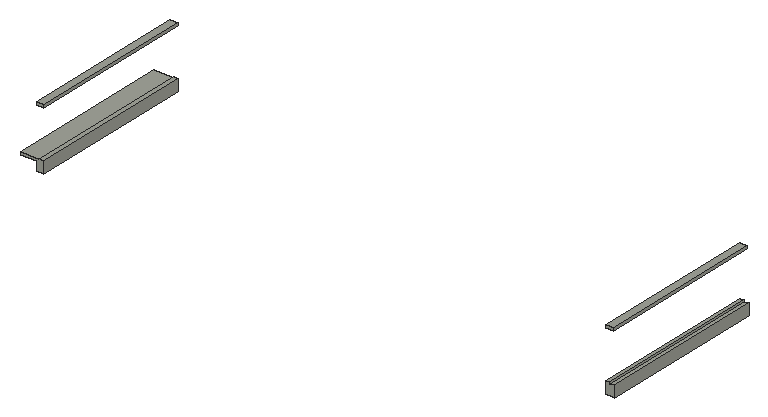
Revit family "CT_Bloco_F_Perfil", category Structural Framing, Revit 2025
Family settings
  Display in Hidden Views = Edges Hidden by Other Members
  Structural Framing Length Roundoff = 0.000 m
  Section Shape = Not Defined
  Material for Model Behavior = Concrete
  Always export as geometry = No
  Work Plane-Based = No
  Always vertical = Yes
  Cut with Voids When Loaded = Yes
  Symbolic Representation = From Family
  Shared = No
  Show family pre-cut in plan views = Yes
Parameters
  Structural Material [instance] = CT_Concreto
  Material_Viga_Janela [instance] = CT_Concreto
  Comprimento [instance] = 7.500 m
Reference planes (m)
  plane 1 "Centro (Frente/Trás)": y = 0
  plane 2: z = 0
  plane 3 "Centro (Esquerda/Direita)": x = 0
  plane 4: x = -15.9999
  plane 5: x = 9.1749
  plane 6: x = -5.2749
  plane 7: x = -2.2249
  plane 8: z = 4.76
  plane 9: z = 9.16
Forms (m)
  Extrusion 1, solid, material "CT_Concreto" <- "Structural Material"
    sketch origin (0, 0, 0.06) x (1, 0, 0) y (0, 0, 1)
      loop
        line (-15.9999, 4.7) -> (-16.1999, 4.7) -> (-16.1999, 4.65) -> (-17.0749, 4.65) -> (-17.0749, 4.55) -> (-16.3499, 4.55) -> (-16.3499, 4.19) -> (-16.3499, 4.15) -> (-15.9999, 4.15) -> (-15.9999, 4.7)
      loop
        line (9.5749, 4.15) -> (9.5749, 4.65) -> (9.3749, 4.65) -> (9.3749, 4.7) -> (9.1749, 4.7) -> (9.1749, 4.15) -> (9.5749, 4.15)
    from 0 to 7.5
  Extrusion 2, solid, material "CT_Concreto" <- "Material_Viga_Janela"
    sketch origin (0, 0, 0.06) x (1, 0, 0) y (0, 0, 1)
      loop
        line (-15.9999, 6.92) -> (-16.3499, 6.92) -> (-16.3499, 6.82) -> (-15.9999, 6.82) -> (-15.9999, 6.92)
      loop
        line (9.5249, 6.92) -> (9.1749, 6.92) -> (9.1749, 6.82) -> (9.5249, 6.82) -> (9.5249, 6.92)
    from 0 to 7.5
Dimensions and locks (m)
  locked: plane 5 to plane 4 at 25.1748
  locked: plane 8 to level at 4.76
  locked: plane 9 to plane 8 at 4.4
  aligned and locked: level to plane 2
  aligned and locked: Extrusion 2 to Extrusion 1  (x3)
  aligned and locked: Extrusion 1 to Extrusion 2
